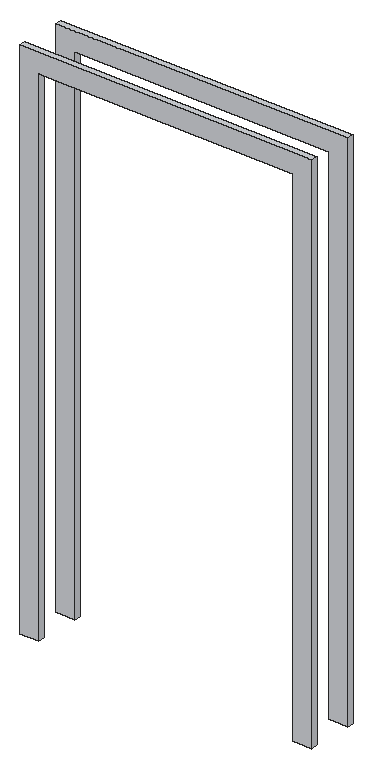
Revit family "LeftDoor", category 门, Revit 2025
Family settings
  主体 = 墙
  OmniClass 编号 = 23.30.10.00
  OmniClass 标题 = Doors
  总是垂直 = 是
  载入时剪切的空心 = 否
  共享 = 否
  房间计算点 = 否
Parameters
  功能 = 内部
  框架投影外部. = 25 mm
  框架投影内部. = 25 mm
  框架宽度 = 75 mm
  高度 = 2000 mm
  墙闭合 = 按主体
  宽度 = 1000 mm
  AI_Width [instance] = 1000 mm
  AI_Height [instance] = 2000 mm
Reference planes
  plane 1: y = 0
  plane 2 "中心(左/右)": x = 0
  plane 3 "左": x = -500
  plane 4 "右": x = 500
  plane 5: z = 2000
  plane 6 "外部": y = 75
  plane 7 "内部": y = -75
Forms (mm)
  Extrusion 1, solid
    sketch origin (-3050, -75, 0) x (1, 0, 0) y (0, 0, 1)
      loop
        line (2475, 0) -> (2550, 0) -> (2550, 2000) -> (3550, 2000) -> (3550, 0) -> (3625, 0) -> (3625, 2075) -> (2475, 2075) -> (2475, 0)
    from 0 to 25
  Extrusion 2, solid
    sketch origin (-3050, 75, 0) x (-1, 0, 0) y (0, 0, 1)
      loop
        line (-2550, 0) -> (-2475, 0) -> (-2475, 2075) -> (-3625, 2075) -> (-3625, 0) -> (-3550, 0) -> (-3550, 2000) -> (-2550, 2000) -> (-2550, 0)
    from 0 to 25
Lines and regions (mm)
  Opening 1
    outline origin (-3050, -75, 0) x (1, 0, 0) y (0, 0, 1)
      loop
        line (2550, 0) -> (3550, 0) -> (3550, 2000) -> (2550, 2000) -> (2550, 0)
  symbolic lines, style "立面打开方向"
    curve 1: line (500, -75, 1000) -> (-500, -75, 2000)
    curve 2: line (500, -75, 1000) -> (-500, -75, 0)
Text (mm)
  text "外部" at (-2295.016, 1099.543, 0), in view "参照标高"
  text "外部" at (0, 1615.38, 3698.081), in view "左"
  text "外部" at (0, 1036.032, 3874.932), in view "右"
Dimensions and locks
  equal spacing: plane 3 "左", plane 2 "中心(左/右)", plane 4 "右"
  "AI_Width": plane 3 "左" to plane 4 "右"
  "AI_Height": plane 5 to host wall
  equal spacing: host wall, curve 2, plane 5
  host wall to plane 5 = 2000 mm
  "框架投影外部.": Extrusion 2 to Extrusion 2
  "框架投影内部.": Extrusion 1 to Extrusion 1
  "框架宽度": plane 3 "左" to Extrusion 1 sketch curve
  "框架宽度": plane 4 "右" to Extrusion 1 sketch curve
  "框架宽度": Extrusion 1 sketch curve to plane 5
  "框架宽度": plane 4 "右" to Extrusion 2 sketch curve
  "框架宽度": plane 3 "左" to Extrusion 2 sketch curve
  "框架宽度": plane 5 to Extrusion 2 sketch curve
  locked: plane 6 "外部" to host wall
  locked: plane 7 "内部" to host wall
  aligned and locked: plane 3 "左" to Opening 1 sketch curve
  aligned and locked: plane 5 to Opening 1 sketch curve  (x2)
  aligned and locked: Opening 1 sketch curve to plane 4 "右"
  aligned and locked: Opening 1 sketch curve to level
  aligned and locked: level to Extrusion 1 sketch curve
  aligned and locked: plane 5 to Extrusion 1 sketch curve  (x2)
  aligned and locked: Extrusion 1 sketch curve to plane 4 "右"
  aligned and locked: plane 3 "左" to Extrusion 1 sketch curve
  aligned and locked: plane 3 "左" to Extrusion 2 sketch curve
  aligned and locked: plane 5 to Extrusion 2 sketch curve  (x2)
  aligned and locked: level to Extrusion 2 sketch curve
  aligned and locked: plane 5 to curve 1
  aligned and locked: plane 3 "左" to curve 2
  aligned and locked: plane 1 to host wall
  aligned and locked: plane 3 "左" to curve 1
Automatic sketch dimensions
  Extrusion 2 sketch curve to plane 4 "右" = 0 mm
  Extrusion 1 sketch curve to level = 0 mm
  Extrusion 2 sketch curve to level = 0 mm
  plane 4 "右" to curve 2 = 0 mm
  curve 2 to level = 0 mm
